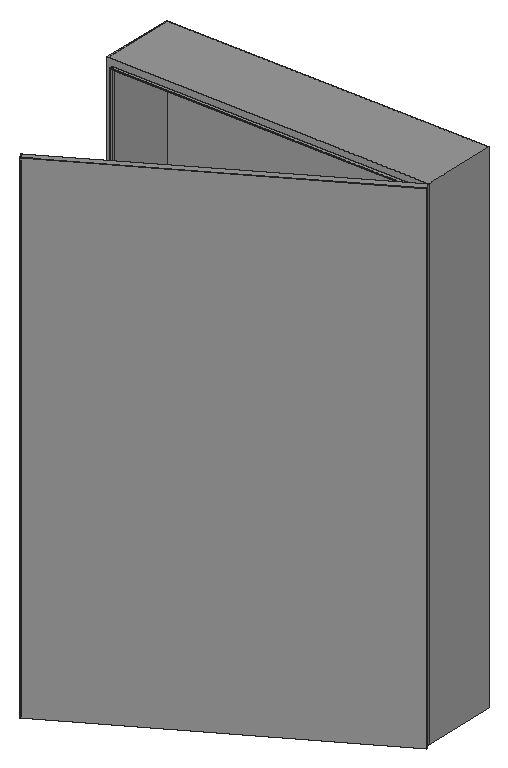
Revit family "Hager-Univers-IP44-D205-H1250-Cl.I-Encl-NoHosted-SE-en", category Equipement électrique, Revit 2020
Family settings
  Configuration du panneau = Deux colonnes, circuits au sein
  Cote de connecteur circulaire = Utiliser le diamètre
  Type d'élément = Tableau de raccordement
  Basée sur le plan de construction = Oui
  Toujours verticalement = Oui
  Couper avec des vides une fois chargée = Non
  Partagée = Non
  Point de calcul de pièce = Non
Parameters (values of type "Surface mounted (plaster) IP44 W800 H1250 D205  - FP83TN2")
  Width Control [instance] = if([EF000008 - Width] > Min Width, [EF000008 - Width], Min Width)  # 800 mm
  Commentaires du type = [HG000003 - Range]  # "Univers"
  Thickness Door [instance] = if([EF009171 - Material plate thickness door/cover] > 3 mm, 3 mm, [EF009171 - Material plate thickness door/cover])  # 1 mm
  Seal Frame Offset [instance] = 17 mm  # constant formula
  Plinth Visibility [instance] = [HG000027 - Plinth height] > 0 mm  # no
  Min Width [instance] = 100 mm  # constant formula
  Min Depth [instance] = (2 * [EF009170 - Material plate thickness cabinet]) + 1 mm  # 3 mm
  Min Height [instance] = 100 mm  # constant formula
  Internal Frame Depth [instance] = (Door System Depth * 0.5)  # 9 mm
  Panel Name [instance] = ""  # (empty or 0)
  Model = ""
  HG000027 - Plinth height = 0 mm
  HG000026 - Floor standing = no
  HG000024 - Bottom section height = 600 mm
  HG000023 - Double section enclosure = no
  HG000016 - Door 3d visibility [instance] = yes
  HG000015 - Clearance visibility [instance] = no
  HG000014 - Door on the right [instance] = yes
  HG000013 - Door on the left [instance] = not([HG000014 - Door on the right])  # no
  HG000012 - Door swing angle [instance] = 30.00°
  HG000010 - Asymmetric doors = no
  HG000009 - Double swing door = no
  HG000006 - Flush mounted = no
  HG000004 - Manufacturer reference = "FP83TN2"
  HG000003 - Range = "Univers"
  HG000002 - With door or cover = yes
  Frame Offset Bottom [instance] = 10 mm  # constant formula
  Frame Offset [instance] = 15 mm  # constant formula
  EF015940 - Cover with overpressure release = no
  EF011959 - Degree of protection (NEMA) = ""
  EF009554 - Number of openings for flange plates = 6
  EF009212 - Cover model = "EV000116 - Closed"
  EF009171 - Material plate thickness door/cover = 1 mm
  EF009170 - Material plate thickness cabinet = 1 mm
  EF008873 - Nominal current (In) = 250 A
  EF007800 - Suitable for lightning protection = no
  EF006306 - With lock = no
  EF006244 - Transparent cover/door = no
  EF005474 - Degree of protection (IP) = "EV006418 - IP44"
  EF004464 - Type of door = "EV002646 - Single"
  EF004427 - Number of modules = 288
  EF004293 - Impact strength = "EV006815 - IK09"
  EF003532 - Suitable for outdoor use = no
  EF002950 - Width in number of modular spacings = 36
  EF001613 - Circuit integrity = "EV000494 - None"
  EF001596 - Material housing = "EV000179 - Steel"
  EF001131 - Internal depth = 130 mm
  EF001088 - Extension possible = yes
  EF000437 - Number of conduit inlets = 6
  EF000339 - Type of cover = "EV001012 - Cover"
  EF000266 - Number of rows = 8
  EF000218 - Built-in depth = 205 mm
  EF000118 - With mounting plate = no
  EF000116 - RAL-number = "9010"
  EF000049 - Depth = 205 mm
  EF000040 - Height = 1250 mm
  EF000008 - Width = 800 mm
  EF000007 - Colour = "EV000202 - White"
  EF000003 - Mounting method = "EV000384 - Surface mounted (plaster)"
  Door System Leaf Tolerance [instance] = 1.5 mm  # constant formula
  Door System Depth [instance] = 18 mm  # constant formula
  Door Height [instance] = Height Control - [HG000027 - Plinth height]  # 1250 mm
  Description = ""
  Default Elevation = 1219.2 mm
  Connector Offset [instance] = Height Control / 2  # 625 mm
  Fabricant = "Hager"  # constant formula
  Height Control [instance] = if([EF000040 - Height] > Min Height, [EF000040 - Height], Min Height)  # 1250 mm
  Depth Control [instance] = if([EF000049 - Depth] > Min Depth, [EF000049 - Depth], Min Depth)  # 205 mm
  Bottom Top Plate Trim [instance] = 1.5 mm  # constant formula
  Plinth height Ctrl [instance] = if([HG000027 - Plinth height] > 0 mm, [HG000027 - Plinth height], 12 mm)  # 12 mm
Types (5, lengths in mm): name | Width Control | HG000010 - Asymmetric doors | HG000009 - Double swing door | HG000004 - Manufacturer reference | EF009554 - Number of openings for flange plates | EF004464 - Type of door | EF004427 - Number of modules | EF002950 - Width in number of modular spacings | EF000437 - Number of conduit inlets | EF000008 - Width
  Surface mounted (plaster) IP44 W1050 H1250 D205  - FP84TN2 | 1050 | no | yes | "FP84TN2" | 8 | "EV003602 - Double" | 384 | 48 | 8 | 1050
  Surface mounted (plaster) IP44 W1300 H1250 D205  - FP85TN2 | 1300 | yes | yes | "FP85TN2" | 10 | "EV003602 - Double" | 480 | 60 | 10 | 1300
  Surface mounted (plaster) IP44 W300 H1250 D205  - FP81TN2 | 300 | no | no | "FP81TN2" | 2 | "EV002646 - Single" | 96 | 12 | 2 | 300
  Surface mounted (plaster) IP44 W550 H1250 D205  - FP82TN2 | 550 | no | no | "FP82TN2" | 4 | "EV002646 - Single" | 192 | 24 | 4 | 550
  Surface mounted (plaster) IP44 W800 H1250 D205  - FP83TN2 | 800 | no | no | "FP83TN2" | 6 | "EV002646 - Single" | 288 | 36 | 6 | 800
Reference planes
  plane 1 "Center (Front/Back)": y = 0
  plane 2: z = 0
  plane 3 "Center (Left/Right)": x = 0
  plane 4: y = 0
  plane 5: y = 0
  plane 6: z = 0
  plane 7: x = -400
  plane 8: x = 400
  plane 9: x = 399
  plane 10: x = -399
  plane 11: z = 0
  plane 12: z = 1
  plane 13: y = -205
  plane 14: y = -1
  plane 15: x = 0
  plane 16: y = -187
  plane 17: y = -204
  plane 18: y = -186
  plane 19: x = -384
  plane 20: x = 384
  plane 21: z = 11
  plane 22: x = -383
  plane 23: x = 383
  plane 24: z = 0
  plane 25: z = 1250
  plane 26: z = 1250
  plane 27: z = 1234
  plane 28: z = 1249
Forms (mm)
  Extrusion 1, solid, material "Hager_Steel_RAL7035_Light_Grey", detail levels medium+fine
    sketch origin (-208.679, -4572, 0) x (-1, 0, 0) y (0, -1, 0)
      loop
        line (191.321, -4385) -> (-608.679, -4385) -> (-608.679, -4572) -> (191.321, -4572) -> (191.321, -4385)
    from 0 to 1250
  Extrusion 2, void
    sketch origin (-350.771, -205, 1219.2) x (1, 0, 0) y (0, 0, 1)
      loop
        line (-48.229, 29.8) -> (-48.229, -1218.2) -> (749.771, -1218.2) -> (749.771, 29.8) -> (-48.229, 29.8)
    from -19 to -204
  Extrusion 3, void
    sketch origin (-290.084, -187, 1219.2) x (1, 0, 0) y (0, 0, 1)
      loop
        line (-93.916, -1208.2) -> (674.084, -1208.2) -> (674.084, 14.8) -> (-93.916, 14.8) -> (-93.916, -1208.2)
    from 0 to -1
  Extrusion 4, solid, material "Hager_Steel_RAL7035_Light_Grey", visible <- "Plinth Visibility", detail levels medium+fine
    sketch origin (0, 0, 0) x (1, 0, 0) y (0, 1, 0)
      loop
        line (-400, 0) -> (-400, -187) -> (400, -187) -> (400, 0) -> (-400, 0)
    from 0 to 12 <- "Plinth height Ctrl"
  Extrusion 5, solid, material "Hager_Steel_RAL7035_Light_Grey", detail levels coarse
    sketch origin (0, 0, 0) x (1, 0, 0) y (0, 1, 0)
      loop
        line (-400, 0) -> (-400, -205) -> (400, -205) -> (400, 0) -> (-400, 0)
    from 0 to 1250 <- "Height Control"
  Sweep 6, void
    path in 3D
      loop
        line (-400, -187, 12) -> (400, -187, 12) -> (400, 0, 12) -> (-400, 0, 12) -> (-400, -187, 12)
    profile origin (-400, -93.5, 12) x (1, 0, 0) y (0, 0, 1)
      loop
        line (0, 0) -> (0, -1.5) -> (1.5, -1.5)
        arc (1.5, -1.5) -> (1.061, -0.439) -> (0, 0) r 1.5
  Extrusion 7, solid, material "Hager_Steel_RAL7035_Light_Grey", detail levels fine
    sketch origin (-400, -187, 0) x (1, 0, 0) y (0, 0, 1)
      loop
        line (16, 11) -> (784, 11) -> (784, 1234) -> (16, 1234) -> (16, 11)
      loop
        line (15, 10) -> (785, 10) -> (785, 1235) -> (15, 1235) -> (15, 10)
    from 0 to 9 <- "Internal Frame Depth"
Cuts and joins
  Extrusion 2, Extrusion 3 cuts Extrusion 1
  Sweep 6 cuts Extrusion 4
Lines and regions (mm)
  Masking region 1
    outline origin (0, 0, 0) x (1, 0, 0) y (0, 1, 0)
      loop
        line (-400, 0) -> (-400, -205) -> (400, -205) -> (400, 0) -> (-400, 0)
  Masking region 2, detail levels coarse
    outline origin (-290.084, -187, 1219.2) x (-1, 0, 0) y (0, 0, 1)
      loop
        line (-690.084, -1219.2) -> (109.916, -1219.2) -> (109.916, 30.8) -> (-690.084, 30.8) -> (-690.084, -1219.2)
  Masking region 3, detail levels coarse
    outline origin (0, 0, 0) x (0, 1, 0) y (0, 0, 1)
      loop
        line (0, 0) -> (0, 1250) -> (-205, 1250) -> (-205, 0) -> (0, 0)
  Masking region 4, visible <- "Plinth Visibility", detail levels medium+fine
    outline origin (0, 0, 0) x (0, 1, 0) y (0, 0, 1)
      loop
        line (-1.5, 12) -> (-185.5, 12)
        arc (-185.5, 12) -> (-185.939, 10.939) -> (-187, 10.5) r 1.5
        line (-187, 10.5) -> (-187, 0) -> (0, 0) -> (0, 10.5)
        arc (0, 10.5) -> (-1.061, 10.939) -> (-1.5, 12) r 1.5
  Masking region 5, detail levels medium+fine
    outline origin (0, 0, 594.038) x (0, 1, 0) y (0, 0, 1)
      loop
        line (0, -594.038) -> (0, 655.962) -> (-187, 655.962) -> (-187, -594.038) -> (0, -594.038)
  Masking region 6, detail levels medium+fine
    outline origin (-359.7, -187, 1211.883) x (-1, 0, 0) y (0, 0, 1)
      loop
        line (-759.7, -1211.883) -> (40.3, -1211.883) -> (40.3, 38.117) -> (-759.7, 38.117) -> (-759.7, -1211.883)
  Masking region 7, visible <- "Plinth Visibility", detail levels medium+fine
    outline origin (-320.334, -187, 1041.368) x (-1, 0, 0) y (0, 0, 1)
      loop
        line (-720.334, -1041.368) -> (79.666, -1041.368) -> (79.666, -1030.868)
        arc (79.666, -1030.868) -> (78.606, -1030.429) -> (78.166, -1029.368) r 1.5
        line (78.166, -1029.368) -> (-718.834, -1029.368)
        arc (-718.834, -1029.368) -> (-719.273, -1030.429) -> (-720.334, -1030.868) r 1.5
        line (-720.334, -1030.868) -> (-720.334, -1041.368)
  sketch lines
    curve 1: line (-400, 0, 12) -> (-400, -187, 12)
    curve 2: line (-400, -187, 12) -> (400, -187, 12)
    curve 3: line (400, 0, 12) -> (-400, 0, 12)
    curve 4: line (400, -187, 12) -> (400, 0, 12)
Dimensions and locks
  locked: plane 1 "Center (Front/Back)" to plane 5
  "EF009170 - Material plate thickness cabinet": plane 7 to plane 10
  "EF009170 - Material plate thickness cabinet": plane 8 to plane 9
  equal spacing: plane 7, plane 3 "Center (Left/Right)", plane 8
  "Width Control": plane 7 to plane 8
  "Depth Control": plane 4 to plane 13
  "EF009170 - Material plate thickness cabinet": plane 4 to plane 14
  "Height Control": plane 25 to level
  "HG000027 - Plinth height": plane 11 to level
  "EF009170 - Material plate thickness cabinet": plane 12 to plane 11
  "EF009170 - Material plate thickness cabinet": plane 17 to plane 13
  "EF009170 - Material plate thickness cabinet": plane 18 to plane 16
  "Frame Offset Bottom": plane 21 to plane 12
  "Frame Offset": plane 10 to plane 19
  "Frame Offset": plane 9 to plane 20
  "Door System Depth": plane 16 to plane 13
  "Seal Frame Offset": plane 7 to plane 22
  "Seal Frame Offset": plane 8 to plane 23
  "EF009170 - Material plate thickness cabinet": plane 26 to plane 28
  "Frame Offset": plane 28 to plane 27
  "Connector Offset": plane 2 to connector elem
  "Bottom Top Plate Trim": profile plane to Sweep 6 sketch curve
  "Bottom Top Plate Trim": Sweep 6 sketch curve to Sweep 6 sketch curve
  "Plinth height Ctrl": Masking region 4 sketch curve to level
  "Plinth height Ctrl": Masking region 7 sketch curve to level
  "Thickness Door": Extrusion 7 sketch curve to Extrusion 7 sketch curve  (x4)
  "Bottom Top Plate Trim": radius of Sweep 6 sketch curve
  "Bottom Top Plate Trim": radius of Masking region 4 sketch curve  (x2)
  "Bottom Top Plate Trim": radius of Masking region 7 sketch curve  (x2)
  aligned and locked: Extrusion 2 sketch curve to plane 12
  aligned and locked: Extrusion 2 sketch curve to plane 9
  aligned and locked: Extrusion 2 sketch curve to plane 10
  aligned and locked: Extrusion 2 to plane 14
  aligned and locked: Extrusion 1 sketch curve to plane 4
  aligned and locked: plane 8 to Extrusion 1 sketch curve
  aligned and locked: plane 7 to Extrusion 1 sketch curve
  aligned and locked: Extrusion 2 to plane 18
  aligned and locked: Extrusion 3 sketch curve to plane 19
  aligned and locked: plane 20 to Extrusion 3 sketch curve
  aligned and locked: Extrusion 3 to Extrusion 2
  aligned and locked: Extrusion 3 sketch curve to plane 21
  aligned and locked: plane 3 "Center (Left/Right)" to nested 1
  aligned and locked: Extrusion 1 sketch curve to plane 16
  aligned and locked: Extrusion 4 sketch curve to cut or joined group of Extrusion 1, Extrusion 2, Extrusion 3
  aligned and locked: Masking region 1 sketch curve to plane 7
  aligned and locked: Masking region 1 sketch curve to plane 5
  aligned and locked: Masking region 1 sketch curve to plane 8
  aligned and locked: Masking region 2 sketch curve to level
  aligned and locked: level to Masking region 3 sketch curve
  aligned and locked: plane 1 "Center (Front/Back)" to Masking region 3 sketch curve
  aligned and locked: plane 13 to Masking region 3 sketch curve
  aligned and locked: plane 5 to Masking region 4 sketch curve
  aligned and locked: Masking region 2 sketch curve to plane 8
  aligned and locked: Masking region 2 sketch curve to plane 7
  aligned and locked: plane 7 to nested 2
  aligned and locked: nested 2 to plane 5
  aligned and locked: plane 5 to Masking region 5 sketch curve
  aligned and locked: plane 26 to Masking region 5 sketch curve
  aligned and locked: Extrusion 5 sketch curve to plane 8
  aligned and locked: Extrusion 5 sketch curve to plane 7
  aligned and locked: Extrusion 5 sketch curve to plane 5
  aligned and locked: Extrusion 3 sketch curve to plane 27
  aligned and locked: Extrusion 2 sketch curve to plane 28
  aligned and locked: Masking region 2 to plane 25
  aligned and locked: Extrusion 4 to plane 16
  aligned and locked: profile plane to Sweep 6 sketch curve
  aligned and locked: Masking region 5 sketch curve to plane 24
  aligned and locked: level to Masking region 4 sketch curve
  aligned and locked: Masking region 1 to plane 13
  aligned and locked: nested 1 to plane 16
  aligned and locked: Masking region 3 to plane 25
  aligned and locked: plane 16 to Masking region 4 sketch curve
  aligned and locked: Masking region 5 sketch curve to plane 16
  aligned and locked: plane 24 to plane 11
  aligned and locked: plane 26 to plane 25
  aligned and locked: plane 26 to cut or joined group of Extrusion 1, Extrusion 2, Extrusion 3
  aligned and locked: nested 1 to plane 24
  aligned and locked: Extrusion 1 to Extrusion 3
  aligned and locked: Masking region 6 sketch curve to plane 8
  aligned and locked: Masking region 6 sketch curve to plane 24
  aligned and locked: Masking region 6 sketch curve to plane 7
  aligned and locked: Masking region 6 sketch curve to plane 26
  aligned and locked: Masking region 7 sketch curve to plane 7
  aligned and locked: level to Masking region 7 sketch curve
  aligned and locked: Masking region 7 sketch curve to plane 8
  aligned and locked: Extrusion 7 sketch curve to cut or joined group of Extrusion 1, Extrusion 2, Extrusion 3  (x4)
Automatic sketch dimensions
  plane 19 to Extrusion 3 sketch curve = 0 mm
  Extrusion 3 sketch curve to plane 20 = 0 mm
  Extrusion 3 sketch curve to plane 21 = 0 mm
  Extrusion 4 sketch curve to plane 7 = 0 mm
  Extrusion 4 sketch curve to plane 8 = 0 mm
  Extrusion 4 sketch curve to plane 16 = 0 mm
  Masking region 1 sketch curve to plane 13 = 0 mm
  Masking region 2 sketch curve to plane 25 = 0 mm
  Masking region 3 sketch curve to plane 25 = 0 mm
  Extrusion 5 sketch curve to plane 13 = 0 mm
  profile plane to Sweep 6 sketch curve = 0 mm
Nested families
  nested 1: "EC000058_Univers_Door" at (0, -187, 0), Double <- "HG000009 - Double swing door", Transparent <- "EF006244 - Transparent cover/door", Angle <- "HG000012 - Door swing angle", Door_Right <- "HG000014 - Door on the right", Assymetrical <- "HG000010 - Asymmetric doors", Door <- "HG000002 - With door or cover", Width_Ctrl <- "Width Control", 3d_Door <- "HG000016 - Door 3d visibility", Clearance <- "HG000015 - Clearance visibility", Door_Left <- "HG000013 - Door on the left", Width <- "Width Control", Door_Depth <- "Door System Depth", Leaf_Tolerance <- "Door System Leaf Tolerance", Height <- "Door Height", Lock_Visibility <- "EF006306 - With lock", Thickness <- "Thickness Door", type "EC000058_Univers_Door", detail levels medium+fine
    with min_wh 3 mm, Width_Ctrl 800 mm, Width 800 mm, Transparent no, Thickness 1 mm, Seal_Material Hager_Rubber, Lock_Visibility no, Lock_Material Hager_Plastic_RAL9005_Jet_Black, Leaf_Width 800 mm, Leaf_Tolerance_External_Sides 0 mm, Leaf_Tolerance 1.5 mm, Leaf_Offset 0 mm, Leaf_Height 1247 mm, Leaf_2_Width 800 mm, Leaf_2_Offset 400 mm, Leaf_1_Width 800 mm, Leaf_1_Offset 400 mm, Height_Ctrl 1250 mm, Height 1250 mm, Glass_Material Hager_Glass, Double_Clearance_Ctrl no, Double no, Door_Right_Ctrl yes, Door_Right yes, Door_Material Hager_Steel_RAL7035_Light_Grey, Door_Left_Ctrl no, Door_Left no, Door_Depth 18 mm, Door yes, Clearance_Material Hager_Clearance, Clearance_Depth 800 mm, Clearance_Ctrl no, Clearance no, Assymetrical no, Angle 30.00°, 3d_Door yes
  nested 2: "Hager_Enclosure_Symbol" at (-400, 0, 0), Height <- "Depth Control", Width <- "Width Control", type "Hager_Enclosure_Symbol"
    with Width_Ctrl 800 mm, Width 800 mm, Height_Ctrl 205 mm, Height 205 mm, A_Width_Int 13.453 mm, A_Width 161.438 mm, A_Height_Ctrl 179.375 mm, A_Height 179.375 mm
Connectors
  electrical at (0, 0, 625)
    settings: on plane 1 "Center (Front/Back)", index 1, voltage 0 V, apparent load 0 VA, apparent load phase1 0 VA, apparent load phase2 0 VA, apparent load phase3 0 VA, power factor 1, load classification "Other", number of poles 1, system type 30, power factor state 1, is connector primary yes, connector utility no, sub classification motor no, connector description ""
Definition of nested family "EC000058_Univers_Door"
  Parameters (values of type "EC000058_Univers_Door")
    min_wh [instance] = (2 * Thickness) + 1 mm  # 11 mm
    Width_Ctrl [instance] = 400 mm
    Width [instance] = 500 mm
    Transparent [instance] = yes
    Thickness [instance] = 5 mm
    Seal_Material [instance] = none
    Lock_Visibility [instance] = yes
    Lock_Material [instance] = none
    Leaf_Width [instance] = if((Width_Ctrl - 2 * Leaf_Tolerance_External_Sides) > 0 mm, (Width_Ctrl - 2 * Leaf_Tolerance_External_Sides), min_wh)  # 400 mm
    Leaf_Tolerance_External_Sides [instance] = 0 mm  # constant formula
    Leaf_Tolerance [instance] = 1.5 mm
    Leaf_Offset [instance] = 0 mm  # constant formula
    Leaf_Height [instance] = if((Height_Ctrl - 2 * Leaf_Tolerance) > 0 mm, (Height_Ctrl - 2 * Leaf_Tolerance), min_wh)  # 497 mm
    Leaf_2_Width [instance] = if(and(and(Double, Assymetrical), Door_Left), (Leaf_Width / 3) - (Leaf_Tolerance / 2), if(and(and(Double, Assymetrical), Door_Right), (Leaf_Width / 3) * 2 - (Leaf_Tolerance / 2), if(and(Double, not(Assymetrical)), (Leaf_Width / 2) - Leaf_Tolerance, Leaf_Width)))  # 400 mm
    Leaf_2_Offset [instance] = if(and(Double, Assymetrical), Leaf_2_Width / 2, if(and(Double, not(Assymetrical)), Leaf_Width / 4, Leaf_Width / 2))  # 200 mm
    Leaf_1_Width [instance] = if(and(and(Double, Assymetrical), Door_Right), (Leaf_Width / 3) - (Leaf_Tolerance / 2), if(and(and(Double, Assymetrical), Door_Left), (Width / 3) * 2 - (Leaf_Tolerance / 2), if(and(Double, not(Assymetrical)), (Leaf_Width / 2) - Leaf_Tolerance, Leaf_Width)))  # 400 mm
    Leaf_1_Offset [instance] = if(and(Double, Assymetrical), Leaf_1_Width / 2, if(and(Double, not(Assymetrical)), Leaf_Width / 4, Leaf_Width / 2))  # 200 mm
    Height_Ctrl [instance] = if(Height > min_wh, Height, min_wh)  # 500 mm
    Height [instance] = 500 mm
    Glass_Material [instance] = none
    Double_Clearance_Ctrl [instance] = and(Double, Clearance)  # no
    Double [instance] = no
    Door_Right_Ctrl [instance] = and(or(Door_Right, Double), Door)  # yes
    Door_Right [instance] = yes
    Door_Material [instance] = none
    Door_Left_Ctrl [instance] = and(or(Door_Left, Double), Door)  # no
    Door_Left [instance] = no
    Door_Depth [instance] = 30 mm
    Door [instance] = yes
    Default Elevation = 1219.2 mm
    Clearance_Material [instance] = none
    Clearance_Depth [instance] = if(Leaf_1_Width > Leaf_2_Width, Leaf_1_Width, Leaf_2_Width)  # 400 mm
    Clearance_Ctrl [instance] = and(not(Double), Clearance)  # yes
    Clearance [instance] = yes
    Assymetrical [instance] = yes
    Angle [instance] = 30.00°
    3d_Door [instance] = yes
  Reference planes
    plane 1 "Center (Front/Back)": y = 0
    plane 2 "Bottom": z = 0
    plane 3 "Center (Left/Right)": x = 0
    plane 4: z = 500
    plane 5: x = -200
    plane 6: x = 200
    plane 7: z = 500
    plane 8: x = -200
    plane 9: z = 0
    plane 10: x = 200
    plane 11: y = 0
    plane 12: z = 1.5
    plane 13: x = -600
    plane 14: y = -400
    plane 15: x = 600
    plane 16: x = 0
    plane 17: x = 0
    plane 18: x = -200
    plane 19: x = 200
    plane 20: z = 498.5
  Forms (mm)
    Extrusion 1, solid, material <- "Clearance_Material", visible <- "Double_Clearance_Ctrl"
      sketch origin (1200, 0, 0) x (1, 0, 0) y (0, 0, -1)
        loop
          line (-1800, -498.5) -> (-600, -498.5) -> (-600, 0) -> (-1800, 0) -> (-1800, -498.5)
      from 0 to -400
  Dimensions and locks
    equal spacing: plane 5, plane 3 "Center (Left/Right)", plane 6
    "Width_Ctrl": plane 5 to plane 6
    "Leaf_Offset": plane 5 to plane 8
    "Leaf_Offset": plane 6 to plane 10
    "Leaf_Offset": plane 9 to level
    "Leaf_Offset": plane 4 to plane 7
    "Height_Ctrl": plane 4 to level
    "Leaf_Tolerance": plane 12 to plane 9
    locked: plane 11 to plane 1 "Center (Front/Back)"
    "Leaf_1_Offset": plane 18 to plane 16
    "Leaf_2_Offset": plane 17 to plane 19
    "Leaf_1_Width": plane 13 to plane 8
    "Leaf_2_Width": plane 10 to plane 15
    "Clearance_Depth": plane 14 to plane 1 "Center (Front/Back)"
    "Leaf_Tolerance_External_Sides": plane 8 to plane 18
    "Leaf_Tolerance_External_Sides": plane 19 to plane 10
    "Leaf_Tolerance": plane 7 to plane 20
    aligned and locked: level to plane 2 "Bottom"
    aligned and locked: nested 1 to plane 16
    aligned and locked: nested 2 to plane 17
    aligned and locked: Extrusion 1 to plane 13
    aligned and locked: plane 15 to Extrusion 1
    aligned and locked: Extrusion 1 to plane 14
    aligned and locked: plane 12 to nested 1
    aligned and locked: nested 2 to plane 12
    aligned and locked: Extrusion 1 to plane 11
    aligned and locked: plane 20 to Extrusion 1
    aligned and locked: nested 2 to plane 11
    aligned and locked: nested 1 to plane 11
  Automatic sketch dimensions
    Extrusion 1 sketch curve to level = 0 mm
    plane 5 to Extrusion 1 sketch curve = 400 mm
    plane 6 to Extrusion 1 sketch curve = 400 mm
    Extrusion 1 sketch curve to plane 4 = 1.5 mm
  Nested families
    nested 1: "EC000058_Univers_Door_Leaf" at (0, 0, 1.5), Width <- "Leaf_1_Width", visible <- "Door_Left_Ctrl", Leaf_Height <- "Leaf_Height", Angle <- "Angle", 3d_Door <- "3d_Door", Transparent <- "Transparent", Clearance Material <- "Clearance_Material", Clearance <- "Clearance_Ctrl", Door_Material <- "Door_Material", Glass_Material <- "Glass_Material", Door_Depth <- "Door_Depth", Lock_Material <- "Lock_Material", Seal_Material <- "Seal_Material", Lock_Visibility <- "Lock_Visibility", Thickness <- "Thickness", type "EC000058_Univers_Door_Leaf"
      with Width 400 mm, Transparent_Glass_Offset 30 mm, Transparent_Ctrl yes, Transparent yes, Thickness 5 mm, Standard no, Seal_Material none, Seal_D2 8 mm, Seal_D1 1 mm, Offset_Internal_Frame 10 mm, Lock_Width 20 mm, Lock_Visibility_3d yes, Lock_Visibility yes, Lock_Thickness_3 3 mm, Lock_Thickness_2 1 mm, Lock_Thickness_1 3 mm, Lock_Radius_Offset_2 16 mm, Lock_Radius_Offset_1 15 mm, Lock_Radius_2 5 mm, Lock_Radius 6 mm, Lock_Offset 5 mm, Lock_Material none, Lock_Height 80 mm, Lock_Cover_Top_Offset_2d 17 mm, Lock_Cover_Height -65 mm, Leaf_Height 497 mm, Internal_Seal_Thickness 8 mm, Internal_Seal_Depth_2 4.5 mm, Internal_Frame_Depth 25 mm, Glass_Thickness -1 mm, Glass_Offset -2 mm, Glass_Material none, Door_Material none, Door_Depth 30 mm, Clearance Material none, Clearance yes, Angle_Ctrl 30.00°, Angle 30.00°, 3d_Door yes
    nested 2: "EC000058_Univers_Door_Leaf" at (0, 0, 1.5) x (-1, 0, 0) z (0, 0, 1), Width <- "Leaf_2_Width", visible <- "Door_Right_Ctrl", Leaf_Height <- "Leaf_Height", Angle <- "Angle", 3d_Door <- "3d_Door", Transparent <- "Transparent", Clearance Material <- "Clearance_Material", Clearance <- "Clearance_Ctrl", Door_Material <- "Door_Material", Glass_Material <- "Glass_Material", Door_Depth <- "Door_Depth", Lock_Material <- "Lock_Material", Seal_Material <- "Seal_Material", Lock_Visibility <- "Lock_Visibility", Thickness <- "Thickness", type "EC000058_Univers_Door_Leaf"
      with Width 400 mm, Transparent_Glass_Offset 30 mm, Transparent_Ctrl yes, Transparent yes, Thickness 5 mm, Standard no, Seal_Material none, Seal_D2 8 mm, Seal_D1 1 mm, Offset_Internal_Frame 10 mm, Lock_Width 20 mm, Lock_Visibility_3d yes, Lock_Visibility yes, Lock_Thickness_3 3 mm, Lock_Thickness_2 1 mm, Lock_Thickness_1 3 mm, Lock_Radius_Offset_2 16 mm, Lock_Radius_Offset_1 15 mm, Lock_Radius_2 5 mm, Lock_Radius 6 mm, Lock_Offset 5 mm, Lock_Material none, Lock_Height 80 mm, Lock_Cover_Top_Offset_2d 17 mm, Lock_Cover_Height -65 mm, Leaf_Height 497 mm, Internal_Seal_Thickness 8 mm, Internal_Seal_Depth_2 4.5 mm, Internal_Frame_Depth 25 mm, Glass_Thickness -1 mm, Glass_Offset -2 mm, Glass_Material none, Door_Material none, Door_Depth 30 mm, Clearance Material none, Clearance yes, Angle_Ctrl 30.00°, Angle 30.00°, 3d_Door yes
  Definition of nested family "EC000058_Univers_Door_Leaf"
    Parameters (values of type "EC000058_Univers_Door_Leaf")
      Width [instance] = 2000 mm
      Transparent_Glass_Offset [instance] = 30 mm
      Transparent_Ctrl [instance] = and(Transparent, [3d_Door])  # yes
      Transparent [instance] = yes
      Thickness [instance] = 5 mm
      Standard [instance] = and(not(Transparent), [3d_Door])  # no
      Seal_Material [instance] = none
      Seal_D2 [instance] = 8 mm  # constant formula
      Seal_D1 [instance] = 1 mm  # constant formula
      Offset_Internal_Frame [instance] = 10 mm  # constant formula
      Lock_Width [instance] = 20 mm  # constant formula
      Lock_Visibility_3d [instance] = and(Lock_Visibility, [3d_Door])  # yes
      Lock_Visibility [instance] = yes
      Lock_Thickness_3 [instance] = 3 mm  # constant formula
      Lock_Thickness_2 [instance] = 1 mm  # constant formula
      Lock_Thickness_1 [instance] = 3 mm  # constant formula
      Lock_Radius_Offset_2 [instance] = Lock_Radius_Offset_1 + 1 mm  # 16 mm
      Lock_Radius_Offset_1 [instance] = 15 mm  # constant formula
      Lock_Radius_2 [instance] = Lock_Radius - 1 mm  # 5 mm
      Lock_Radius [instance] = 6 mm  # constant formula
      Lock_Offset [instance] = 5 mm  # constant formula
      Lock_Material [instance] = none
      Lock_Height [instance] = 80 mm  # constant formula
      Lock_Cover_Top_Offset_2d [instance] = Lock_Radius_Offset_2 + 1 mm  # 17 mm
      Lock_Cover_Height [instance] = -(Lock_Height - Lock_Radius_Offset_1)  # -65 mm
      Leaf_Height [instance] = 2720.336 mm
      Internal_Seal_Thickness [instance] = 8 mm  # constant formula
      Internal_Seal_Depth_2 [instance] = 4.5 mm  # constant formula
      Internal_Frame_Depth [instance] = if(Door_Depth - Thickness > 5 mm, Door_Depth - Thickness, 5 mm)  # 25 mm
      Glass_Thickness [instance] = if(Thickness > 15 mm, Glass_Offset + 10 mm, -1 mm)  # -1 mm
      Glass_Offset [instance] = if(Thickness > 15 mm, -(Thickness + 10 mm) / 2, -2 mm)  # -2 mm
      Glass_Material [instance] = none
      Door_Material [instance] = none
      Door_Depth [instance] = 30 mm
      Default Elevation = 0 mm
      Clearance Material [instance] = none
      Clearance [instance] = yes
      Angle_Ctrl [instance] = if(Angle > 180.00°, 180.00°, Angle)  # 90.00°
      Angle [instance] = 90.00°
      3d_Door [instance] = yes
    Reference planes
      plane 1 "Center (Front/Back)": y = 0
      plane 2: z = 0
      plane 3 "Center (Left/Right)": x = 0
      plane 4: y = 2000
      plane 5: x = -1000
      plane 6: x = 1000
      plane 7: x = -3000
      plane 8: z = 2720.336
      plane 9: z = 30
      plane 10: z = 2690.336
      plane 11: x = 970
      plane 12: x = -970
      plane 13: y = -3
      plane 14: z = 107.833
      plane 15: y = -5
      plane 16: y = -223.314
      plane 17: x = -1000
      plane 18: z = 1360.168
      plane 19: y = 30
    Forms (mm)
      Extrusion 1, solid, material <- "Clearance Material", visible <- "Clearance"
        sketch origin (0, 0, 0) x (1, 0, 0) y (0, 0, 1)
          loop
            line (-3000, 2720.336) -> (-3000, 0) -> (1000, 0) -> (1000, 2720.336) -> (-3000, 2720.336)
        from 0 to -2000
      Extrusion 2, solid, material <- "Door_Material", visible <- "Standard", detail levels medium+fine
        sketch origin (-1000, 0, 0) x (0, 1, 0) y (-1, 0, 0)
          loop
            line (0, 30) -> (0, 25) -> (2000, 25) -> (2000, 30) -> (0, 30)
        from 0 to 2720.336 <- "Leaf_Height"
      Extrusion 3, solid, material <- "Door_Material", visible <- "Transparent_Ctrl", detail levels medium+fine
        sketch origin (-1000, 0, 0) x (0, 1, 0) y (-1, 0, 0)
          loop
            line (0, 25) -> (2000, 25) -> (2000, 30) -> (0, 30) -> (0, 25)
        from 0 to 2720.336 <- "Leaf_Height"
      Extrusion 4, void
        sketch origin (-1025, 2000, 0) x (0, 1, 0) y (0, 0, -1)
          loop
            line (-30, -2690.336) -> (-30, -30) -> (-1970, -30) -> (-1970, -2690.336) -> (-30, -2690.336)
        from 0 to 5 <- "Thickness"
      Sweep 5, solid, material <- "Seal_Material", visible <- "Transparent_Ctrl", detail levels fine
        path in 3D
          loop
            line (-1025, 30, 30) -> (-1025, 30, 2690.336) -> (-1025, 1970, 2690.336) -> (-1025, 1970, 30) -> (-1025, 30, 30)
        profile origin (-1025, 1000, 30) x (1, 0, 0) y (0, 0, 1)
          loop
            line (0, 0) -> (0, -8) -> (1, -8) -> (1, 0) -> (0, 0)
      Extrusion 6, solid, material <- "Glass_Material", visible <- "Transparent_Ctrl", detail levels medium+fine
        sketch origin (-1030, 0, 0) x (0, 1, 0) y (0, 0, -1)
          loop
            line (1970, -2690.336) -> (1970, -30) -> (30, -30) -> (30, -2690.336) -> (1970, -2690.336)
        from -2 <- "Glass_Offset" to -1 <- "Glass_Thickness"
      Extrusion 7, solid, material <- "Door_Material", visible <- "3d_Door", detail levels medium+fine
        sketch origin (-1025, 2000, 0) x (0, -1, 0) y (0, 0, -1)
          loop
            line (0, -2720.336) -> (2000, -2720.336) -> (2000, 0) -> (0, 0) -> (0, -2720.336)
          loop
            line (1995, -5) -> (5, -5) -> (5, -2715.336) -> (1995, -2715.336) -> (1995, -5)
        from 0 to 25 <- "Internal_Frame_Depth"
      Sweep 8, solid, material <- "Seal_Material", visible <- "Transparent_Ctrl", detail levels fine
        path in 3D
          loop
            line (-1025, 0, 0) -> (-1025, 2000, 0) -> (-1025, 2000, 2720.336) -> (-1025, 0, 2720.336) -> (-1025, 0, 0)
        profile origin (-1025, 0, 1360.168) x (1, 0, 0) y (0, 1, 0)
          loop
            line (0, 10) -> (2.975, 10)
            arc (2.975, 10) -> (4.053, 10.447) -> (4.5, 11.525) r 1.525
            line (4.5, 11.525) -> (4.5, 16.527)
            arc (4.5, 16.527) -> (4.069, 17.569) -> (3.027, 18) r 1.473
            line (3.027, 18) -> (0, 18) -> (0, 10)
      Extrusion 9, solid, material <- "Lock_Material", visible <- "Lock_Visibility_3d", detail levels fine
        sketch origin (-1030, 0, 0) x (0, 1, 0) y (0, 0, -1)
          loop
            arc (1993.5, -1400.168) -> (1994.561, -1399.729) -> (1995, -1398.668) r 1.5
            line (1995, -1398.668) -> (1995, -1320.168) -> (1975, -1320.168) -> (1975, -1398.668)
            arc (1975, -1398.668) -> (1975.439, -1399.729) -> (1976.5, -1400.168) r 1.5
            line (1976.5, -1400.168) -> (1993.5, -1400.168)
        from 3 <- "Lock_Thickness_1" to 0
      Blend 10, solid, material <- "Lock_Material", visible <- "Lock_Visibility_3d", detail levels fine
        base sketch origin (-1033, 0, 0) x (0, 1, 0) y (0, 0, -1)
          loop
            line (1975, -1320.168) -> (1975, -1398.668)
            arc (1975, -1398.668) -> (1975.439, -1399.729) -> (1976.5, -1400.168) r 1.5
            line (1976.5, -1400.168) -> (1993.5, -1400.168)
            arc (1993.5, -1400.168) -> (1994.561, -1399.729) -> (1995, -1398.668) r 1.5
            line (1995, -1398.668) -> (1995, -1320.168) -> (1975, -1320.168)
        top sketch origin (-1033, 0, 0) x (0, 1, 0) y (0, 0, -1)
          loop
            line (1976, -1320.168) -> (1976, -1398.668)
            arc (1976, -1398.668) -> (1976.146, -1399.022) -> (1976.5, -1399.168) r 0.5
            line (1976.5, -1399.168) -> (1993.5, -1399.168)
            arc (1993.5, -1399.168) -> (1993.854, -1399.022) -> (1994, -1398.668) r 0.5
            line (1994, -1398.668) -> (1994, -1320.168) -> (1976, -1320.168)
        from 0 to 1 <- "Lock_Thickness_2"
      Blend 11, solid, material <- "Lock_Material", visible <- "Lock_Visibility_3d", detail levels fine
        base sketch origin (-1034, 0, 0) x (0, 1, 0) y (0, 0, -1)
          loop
            line (1978, -1320.168) -> (1978, -1384.168)
            arc (1978, -1384.168) -> (1985, -1391.168) -> (1992, -1384.168) r 7
            line (1992, -1384.168) -> (1992, -1320.168) -> (1978, -1320.168)
        top sketch origin (-1034, 0, 0) x (0, 1, 0) y (0, 0, -1)
          loop
            line (1991, -1320.168) -> (1979, -1320.168) -> (1979, -1383.168)
            arc (1979, -1383.168) -> (1985, -1389.168) -> (1991, -1383.168) r 6
            line (1991, -1383.168) -> (1991, -1320.168)
        from 0 to 3 <- "Lock_Thickness_3"
      Extrusion 12, solid, material <- "Lock_Material", visible <- "Lock_Visibility_3d", detail levels fine
        sketch origin (-1030, 1975, 1320.168) x (1, 0, 0) y (0, -1, 0)
          loop
            line (-7, -19) -> (-7, -1) -> (0, -1) -> (0, 0) -> (-8, 0) -> (-8, -20) -> (0, -20) -> (0, -19) -> (-7, -19)
        from 0 to -65 <- "Lock_Cover_Height"
      Extrusion 13, void
        sketch origin (-1038, 1995, 1320.168) x (-1, 0, 0) y (0, 0, -1)
          loop
            line (-5, -65) -> (0, -65) -> (-5, -60) -> (-5, -65)
        from 0 to 20 <- "Lock_Width"
      Extrusion 14, void
        sketch origin (-1038, 1975, 1320.168) x (0, -1, 0) y (0, 0, -1)
          loop
            circle (-10, -15.995) r 6
          loop
            circle (-10, -15.995) r 5
        from 0 to 2
      Extrusion 15, solid, material <- "Lock_Material", visible <- "Lock_Visibility_3d", detail levels medium
        sketch origin (-1030, 0, 0) x (0, 1, 0) y (0, 0, -1)
          loop
            arc (1993.5, -1400.168) -> (1994.561, -1399.729) -> (1995, -1398.668) r 1.5
            line (1995, -1398.668) -> (1995, -1320.168) -> (1975, -1320.168) -> (1975, -1398.668)
            arc (1975, -1398.668) -> (1975.439, -1399.729) -> (1976.5, -1400.168) r 1.5
            line (1976.5, -1400.168) -> (1993.5, -1400.168)
        from 8 to 0
    Cuts and joins
      Extrusion 4 cuts Extrusion 3
      Extrusion 13, Extrusion 14 cuts Extrusion 9
      Extrusion 14 cuts Blend 11
      Extrusion 13, Extrusion 14 cuts Extrusion 12
      joined: Extrusion 9, Blend 10, Blend 11, Extrusion 12
      Extrusion 14 cuts Extrusion 15
    Lines and regions (mm)
      Masking region 1, visible <- "Lock_Visibility", detail levels fine
        outline origin (0, 0, 0) x (0, 1, 0) y (0, 0, 1)
          loop
            line (30, 1320.168) -> (33, 1320.168) -> (33, 1400.168) -> (30, 1400.168) -> (30, 1320.168)
      Masking region 2, visible <- "Lock_Visibility", detail levels fine
        outline origin (0, 3.143, 0) x (0, 1, 0) y (0, 0, 1)
          loop
            line (29.857, 1354.168) -> (30.857, 1354.168) -> (30.857, 1366.168) -> (29.857, 1366.168) -> (29.857, 1354.168)
      Masking region 3, detail levels medium+fine
        outline origin (0, 0, 0) x (0, 1, 0) y (0, 0, 1)
          loop
            line (0, 0) -> (30, 0) -> (30, 2720.336) -> (0, 2720.336) -> (0, 0)
      Masking region 4, detail levels medium+fine
        outline origin (0, 0, 0) x (1, 0, 0) y (0, 0, 1)
          loop
            line (-1000, 2720.336) -> (-1000, 0) -> (1000, 0) -> (1000, 2720.336) -> (-1000, 2720.336)
      Masking region 5, visible <- "Lock_Visibility", detail levels fine
        outline origin (-47.116, 0, 0) x (1, 0, 0) y (0, 0, 1)
          loop
            arc (1024.616, 1399.168) -> (1023.556, 1398.729) -> (1023.116, 1397.668) r 1.5
            line (1023.116, 1397.668) -> (1023.116, 1320.168) -> (1041.116, 1320.168) -> (1041.116, 1397.668)
            arc (1041.116, 1397.668) -> (1040.677, 1398.729) -> (1039.616, 1399.168) r 1.5
            line (1039.616, 1399.168) -> (1024.616, 1399.168)
      Masking region 6, visible <- "Lock_Visibility", detail levels medium+fine
        outline origin (-25, 0, 0) x (1, 0, 0) y (0, 0, 1)
          loop
            arc (1001.5, 1400.168) -> (1000.439, 1399.729) -> (1000, 1398.668) r 1.5
            line (1000, 1398.668) -> (1000, 1320.168) -> (1020, 1320.168) -> (1020, 1398.668)
            arc (1020, 1398.668) -> (1019.561, 1399.729) -> (1018.5, 1400.168) r 1.5
            line (1018.5, 1400.168) -> (1001.5, 1400.168)
      Masking region 7, visible <- "Lock_Visibility", detail levels fine
        outline origin (-73.735, 0, 0) x (1, 0, 0) y (0, 0, 1)
          loop
            line (1051.735, 1382.168) -> (1065.735, 1382.168) -> (1065.735, 1384.168)
            arc (1065.735, 1384.168) -> (1058.735, 1391.168) -> (1051.735, 1384.168) r 7
            line (1051.735, 1384.168) -> (1051.735, 1382.168)
      Masking region 8, visible <- "Lock_Visibility", detail levels fine
        outline origin (-73.735, 0, 0) x (1, 0, 0) y (0, 0, 1)
          loop
            line (1052.735, 1382.168) -> (1064.735, 1382.168) -> (1064.735, 1383.168)
            arc (1064.735, 1383.168) -> (1058.735, 1389.168) -> (1052.735, 1383.168) r 6
            line (1052.735, 1383.168) -> (1052.735, 1382.168)
      Masking region 9, visible <- "Lock_Visibility", detail levels fine
        outline origin (-25, 0, 0) x (1, 0, 0) y (0, 0, 1)
          loop
            line (1020, 1320.168) -> (1020, 1382.168) -> (1000, 1382.168) -> (1000, 1320.168) -> (1020, 1320.168)
      Masking region 10, detail levels medium+fine
        outline origin (0, 0, 0) x (1, 0, 0) y (0, 0, 1)
          loop
            circle (985, 1335.144) r 6
      Masking region 11, detail levels fine
        outline origin (0, 0, 0) x (1, 0, 0) y (0, 0, 1)
          loop
            circle (985, 1335.144) r 5
      Masking region 12, visible <- "Lock_Visibility", detail levels fine
        outline origin (0, 12.767, 0) x (0, 1, 0) y (0, 0, 1)
          loop
            line (20.233, 1320.168) -> (21.233, 1320.168) -> (21.233, 1399.168) -> (20.233, 1400.168) -> (20.233, 1320.168)
      Masking region 13, visible <- "Lock_Visibility", detail levels fine
        outline origin (0, 13.767, -10) x (0, 1, 0) y (0, 0, 1)
          loop
            line (20.233, 1330.168) -> (23.233, 1330.168) -> (23.233, 1399.168) -> (20.233, 1402.168) -> (20.233, 1330.168)
      Masking region 14, visible <- "Lock_Visibility", detail levels fine
        outline origin (0, 12.767, -10) x (0, 1, 0) y (0, 0, 1)
          loop
            line (20.233, 1330.168) -> (25.233, 1330.168) -> (25.233, 1399.305) -> (20.233, 1394.305) -> (20.233, 1330.168)
      Masking region 15, visible <- "Lock_Visibility", detail levels medium
        outline origin (0, 0, 0) x (0, 1, 0) y (0, 0, 1)
          loop
            line (30, 1320.168) -> (38, 1320.168) -> (38, 1400.168) -> (30, 1400.168) -> (30, 1320.168)
      Masking region 16, visible <- "Lock_Visibility", detail levels fine
        outline origin (-1000, 0, 0) x (0, 1, 0) y (-1, 0, 0)
          loop
            line (1975, 30) -> (1995, 30) -> (1995, 38) -> (1975, 38) -> (1975, 30)
          loop
            line (1979, 37) -> (1976, 37) -> (1976, 34) -> (1978, 34) -> (1979, 37)
          loop
            line (1994, 37) -> (1991, 37) -> (1992, 34) -> (1994, 34) -> (1994, 37)
      Masking region 17, visible <- "Lock_Visibility", detail levels medium
        outline origin (-1000, 0, 0) x (0, 1, 0) y (-1, 0, 0)
          loop
            line (1975, 30) -> (1995, 30) -> (1995, 38) -> (1975, 38) -> (1975, 30)
      symbolic lines
        curve 1: line (1000, 0, 0) -> (-3000, 0, 0)
        curve 2: arc (1000, 0, 0) -> (-1000, 2000, 0) -> (-3000, 0, 0) r 2000
        curve 4: line (-1030, 0, 0) -> (-1030, 2000, 0)
      reference lines
        curve 3: line (-1000, 0, 0) -> (-1000, 2000, 0)
      symbolic lines, detail levels medium+fine
        curve 5: line (-1030, 2000, 0) -> (-1025, 2000, 0)
        curve 7: line (-1025, 0, 0) -> (-1030, 0, 0)
        curve 8: line (-1025, 0, 0) -> (-1000, 0, 0)
        curve 9: line (-1000, 0, 0) -> (-1000, 2000, 0)
        curve 10: line (-1000, 2000, 0) -> (-1025, 2000, 0)
      symbolic lines, detail levels fine
        curve 6: line (-1025, 2000, 0) -> (-1025, 0, 0)
      sketch lines
        curve 11: line (-1025, 0, 2720.336) -> (-1025, 0, 0)
        curve 12: line (-1025, 2000, 0) -> (-1025, 0, 0)
        curve 13: line (-1025, 2000, 2720.336) -> (-1025, 2000, 0)
        curve 14: line (-1025, 0, 2720.336) -> (-1025, 2000, 2720.336)
        curve 15: line (-1025, 1970, 30) -> (-1025, 30, 30)
        curve 16: line (-1025, 30, 30) -> (-1025, 30, 2690.336)
        curve 17: line (-1025, 1970, 2690.336) -> (-1025, 1970, 30)
        curve 18: line (-1025, 30, 2690.336) -> (-1025, 1970, 2690.336)
      symbolic lines, visible <- "Transparent", detail levels medium+fine
        curve 19: line (-970, 0, 2690.336) -> (970, 0, 2690.336)
        curve 20: line (-970, 0, 30) -> (-970, 0, 2690.336)
        curve 21: line (970, 0, 30) -> (-970, 0, 30)
        curve 22: line (970, 0, 2690.336) -> (970, 0, 30)
    Dimensions and locks
      "Width": plane 1 "Center (Front/Back)" to plane 4
      equal spacing: plane 5, plane 3 "Center (Left/Right)", plane 6
      "Width": plane 5 to plane 6
      "Width": plane 7 to plane 5
      "Leaf_Height": plane 8 to level
      "Width": curve 5 to curve 3
      "Width": curve 3 to curve 3
      plane 8 to plane 10 = 30 mm
      plane 9 to level = 30 mm
      plane 12 to plane 5 = 30 mm
      plane 6 to plane 11 = 30 mm
      Extrusion 1 to Extrusion 4 sketch curve = 30 mm
      "Transparent_Glass_Offset": curve 3 to Extrusion 4 sketch curve
      "Transparent_Glass_Offset": Extrusion 4 sketch curve to cut or joined group of Extrusion 3, Extrusion 4  (x2)
      cut or joined group of Extrusion 3, Extrusion 4 to Extrusion 6 sketch curve = 30 mm
      "Transparent_Glass_Offset": cut or joined group of Extrusion 3, Extrusion 4 to Extrusion 4 sketch curve
      "Thickness": curve 6 to curve 4
      "Thickness": Extrusion 7 sketch curve to Extrusion 7 sketch curve  (x4)
      "Door_Depth": curve 4 to curve 3
      "Offset_Internal_Frame": profile plane to Sweep 8 sketch curve
      "Internal_Seal_Thickness": Sweep 8 sketch curve to Sweep 8 sketch curve
      "Internal_Seal_Depth_2": profile plane to Sweep 8 sketch curve
      "Seal_D1": profile plane to Sweep 5 sketch curve
      "Seal_D2": profile plane to Sweep 5 sketch curve
      "Thickness": Extrusion 2 sketch curve to Extrusion 2 sketch curve
      equal spacing: Extrusion 9 sketch curve, plane 18, Extrusion 9 sketch curve  (x2)
      equal spacing: Masking region 1 sketch curve, plane 18, Masking region 1 sketch curve
      "Lock_Height": Masking region 1 sketch curve to Masking region 1 sketch curve
      "Lock_Radius": Masking region 2 sketch curve to plane 18 to Masking region 2 sketch curve
      Masking region 2 sketch curve to Masking region 1 = 1 mm
      "Door_Depth": plane 19 to plane 1 "Center (Front/Back)"
      "Lock_Thickness_1": Masking region 1 sketch curve to plane 19
      "Lock_Width": Extrusion 9 sketch curve to Extrusion 9 sketch curve
      "Lock_Height": Extrusion 9 sketch curve to Extrusion 9 sketch curve
      "Lock_Offset": cut or joined group of Extrusion 3, Extrusion 4 to Extrusion 9 sketch curve
      equal spacing: plane 8, plane 18, level
      "Lock_Radius_Offset_1": Blend 11 sketch curve to Blend 10
      locked: Blend 10 to Blend 11 sketch curve at 2  (x2)
      locked: var sketch to Blend 11 sketch curve at 1  (x2)
      "Lock_Radius_Offset_2": Blend 11 sketch curve to Blend 10
      locked: Extrusion 12 sketch curve to Extrusion 12 sketch curve at 1  (x3)
      Masking region 6 sketch curve to Masking region 6 sketch curve = 80 mm
      "Lock_Height": Masking region 6 sketch curve to Masking region 6 sketch curve
      "Lock_Width": Masking region 6 sketch curve to Masking region 6 sketch curve
      locked: Masking region 6 to Masking region 5 sketch curve at 1  (x3)
      locked: Masking region 5 to Masking region 7 sketch curve at 2  (x2)
      "Lock_Radius_Offset_1": Masking region 5 to Masking region 7 sketch curve
      "Lock_Radius_Offset_2": Masking region 5 to Masking region 8 sketch curve
      locked: Masking region 7 to Masking region 8 sketch curve at 1  (x2)
      "Lock_Cover_Top_Offset_2d": Masking region 5 to Masking region 9 sketch curve
      equal spacing: Masking region 9, Masking region 10 sketch curve, Masking region 9
      equal spacing: Masking region 9, Masking region 11 sketch curve, Masking region 9
      Extrusion 15 sketch curve to Extrusion 15 sketch curve = 80 mm
      "Lock_Width": Extrusion 15 sketch curve to Extrusion 15 sketch curve
      "Lock_Height": Extrusion 15 sketch curve to Extrusion 15 sketch curve
      equal spacing: Extrusion 15 sketch curve, plane 18, Extrusion 15 sketch curve
      "Lock_Thickness_3": Masking region 13 sketch curve to Masking region 13 sketch curve
      "Lock_Height": Masking region 12 sketch curve to Masking region 12 sketch curve
      locked: Masking region 13 sketch curve to Masking region 1 at 8
      locked: Masking region 14 sketch curve to Masking region 13 at 1
      locked: Masking region 14 sketch curve to Masking region 1 at 10.863
      "Lock_Height": Masking region 15 sketch curve to Masking region 15 sketch curve
      "Lock_Offset": Extrusion 15 sketch curve to cut or joined group of Extrusion 3, Extrusion 4
      "Lock_Offset": plane 6 to Masking region 6 sketch curve
      radius of Sweep 8 sketch curve = 1.525 mm
      radius of Sweep 8 sketch curve = 1.473 mm
      radius of Extrusion 9 sketch curve = 1.5 mm  (x2)
      "Lock_Radius": radius of Extrusion 14 sketch curve
      "Lock_Radius_2": radius of Extrusion 14 sketch curve
      "Lock_Radius": radius of Masking region 10 sketch curve
      "Lock_Radius_2": radius of Masking region 11 sketch curve
      radius of Extrusion 15 sketch curve = 1.5 mm  (x2)
      "Angle_Ctrl": angle plane 1 "Center (Front/Back)" to curve 3
      locked: Masking region 12 sketch curve to Masking region 12 sketch curve (angle 45.00°)
      locked: Masking region 13 sketch curve to Masking region 13 sketch curve (angle 45.00°)
      locked: Masking region 14 sketch curve to Masking region 14 sketch curve (angle 45.00°)
      aligned and locked: level to plane 2
      aligned and locked: Extrusion 1 to curve 1
      aligned and locked: plane 6 to Extrusion 1
      aligned and locked: Extrusion 1 to plane 1 "Center (Front/Back)"
      aligned and locked: plane 4 to Extrusion 1
      aligned and locked: plane 8 to Extrusion 1
      aligned and locked: curve 7 to Extrusion 2 sketch curve
      aligned and locked: curve 5 to Extrusion 2 sketch curve
      aligned and locked: curve 7 to Extrusion 3 sketch curve
      aligned and locked: Extrusion 3 sketch curve to curve 4
      aligned and locked: Extrusion 3 sketch curve to curve 6
      aligned and locked: Extrusion 3 sketch curve to curve 5
      aligned and locked: curve 9 to curve 3
      aligned and locked: Extrusion 7 sketch curve to cut or joined group of Extrusion 3, Extrusion 4  (x4)
      aligned and locked: plane 17 to curve 3
      aligned and locked: plane 1 "Center (Front/Back)" to curve 3
      aligned and locked: plane 17 to plane 5
      aligned and locked: Sweep 8 sketch curve to profile plane
      aligned and locked: Sweep 5 sketch curve to profile plane  (x2)
      aligned and locked: Masking region 1 to Masking region 2 sketch curve
      aligned and locked: plane 19 to Masking region 1 sketch curve
      aligned and locked: plane 1 "Center (Front/Back)" to Masking region 3 sketch curve
      aligned and locked: plane 19 to Masking region 3 sketch curve
      aligned and locked: level to Masking region 3 sketch curve
      aligned and locked: Masking region 3 sketch curve to plane 8
      aligned and locked: plane 17 to Masking region 4 sketch curve
      aligned and locked: level to Masking region 4 sketch curve
      aligned and locked: Masking region 4 sketch curve to plane 8
      aligned and locked: plane 12 to curve 20
      aligned and locked: plane 10 to curve 19
      aligned and locked: plane 11 to curve 22
      aligned and locked: curve 21 to plane 9
      aligned and locked: Extrusion 2 sketch curve to cut or joined group of Extrusion 3, Extrusion 4
      aligned and locked: Blend 10 sketch curve to Extrusion 9  (x4)
      aligned and locked: Extrusion 9 to Blend 10 sketch curve
      aligned and locked: Blend 10 to Blend 11 sketch curve
      aligned and locked: Extrusion 12 sketch curve to Blend 11
      aligned and locked: Extrusion 12 sketch curve to Extrusion 9  (x4)
      aligned and locked: Masking region 5 sketch curve to Masking region 6
      aligned and locked: Masking region 9 sketch curve to Masking region 6  (x3)
      aligned and locked: Masking region 12 sketch curve to Masking region 1
      aligned and locked: Masking region 13 sketch curve to Masking region 1
      aligned and locked: Masking region 12 to Masking region 14
      aligned and locked: Masking region 14 sketch curve to Masking region 1
      aligned and locked: Masking region 15 sketch curve to Masking region 14
      aligned and locked: Masking region 13 sketch curve to Masking region 12
      aligned and locked: Masking region 16 sketch curve to cut or joined group of Extrusion 14, Extrusion 15  (x4)
      aligned and locked: Masking region 16 sketch curve to cut or joined group of Extrusion 9, Blend 10, Blend 11, Extrusion 12, Extrusion 13, Extrusion 14  (x6)
      aligned and locked: cut or joined group of Extrusion 9, Blend 10, Blend 11, Extrusion 12, Extrusion 13, Extrusion 14 to Masking region 16 sketch curve
      aligned and locked: Masking region 17 sketch curve to cut or joined group of Extrusion 14, Extrusion 15  (x3)
      aligned and locked: Masking region 17 sketch curve to cut or joined group of Extrusion 9, Blend 10, Blend 11, Extrusion 12, Extrusion 13, Extrusion 14
      aligned and locked: Masking region 9 to Masking region 8 sketch curve
      aligned and locked: Masking region 9 to Masking region 7 sketch curve
    Automatic sketch dimensions
      plane 1 "Center (Front/Back)" to curve 2 = 0 mm
      curve 2 to plane 5 = 0 mm
      Extrusion 1 sketch curve to level = 0 mm
      Extrusion 1 sketch curve to plane 7 = 0 mm
      Extrusion 1 sketch curve to plane 6 = 0 mm
      Extrusion 1 sketch curve to plane 8 = 0 mm
      Extrusion 3 to Extrusion 6 sketch curve = 30 mm  (x4)
      Masking region 4 sketch curve to plane 6 = 0 mm
      Blend 10 sketch curve to Extrusion 9 = 1.5 mm
      Blend 10 sketch curve to Extrusion 9 = 1 mm
      Extrusion 13 sketch curve to Extrusion 12 = 0 mm  (x2)
      Extrusion 12 to Extrusion 13 sketch curve = 3 mm
      Extrusion 13 sketch curve to Extrusion 12 = 5 mm
      Extrusion 14 sketch curve to Extrusion 14 sketch curve = 0 mm  (x2)
      Extrusion 14 sketch curve to Extrusion 12 = 10 mm
      Extrusion 14 sketch curve to Extrusion 12 = 15.995 mm
      Masking region 5 sketch curve to Masking region 5 sketch curve = 1.5 mm  (x2)
      Masking region 10 sketch curve to plane 18 = 25.024 mm
      Masking region 11 sketch curve to plane 18 = 25.024 mm
      plane 19 to Masking region 14 sketch curve = 3 mm
      Masking region 16 sketch curve to Masking region 16 sketch curve = 3 mm
      curve 4 to curve 3 = 0 mm
      Blend 10 to Blend 11 sketch curve = 0 mm
      Masking region 6 sketch curve to Masking region 6 sketch curve = 1.5 mm  (x2)
      Masking region 6 sketch curve to plane 18 = 40 mm
      plane 19 to Masking region 12 sketch curve = 3 mm
      Masking region 12 sketch curve to Masking region 12 sketch curve = 1 mm
      Masking region 15 sketch curve to plane 19 = 0 mm
      Masking region 15 sketch curve to plane 18 = 40 mm
      radius of Blend 10 sketch curve to Extrusion 9 = 1 mm
Definition of nested family "Hager_Enclosure_Symbol"
  Parameters (values of type "Hager_Enclosure_Symbol")
    Width_Ctrl [instance] = if(Width > 1 mm, Width, 1 mm)  # 102.27 mm
    Width [instance] = 102.27 mm
    Height_Ctrl [instance] = if(Height > 1 mm, Height, 1 mm)  # 66.5 mm
    A_Width_Int [instance] = if(A_Width / 12 > 2 mm, A_Width / 12, 2 mm)  # 4.364 mm
    A_Width [instance] = if(A_Height_Ctrl * 0.9 > 2 mm, A_Height_Ctrl * 0.9, 2 mm)  # 52.369 mm
    A_Height_Ctrl [instance] = if(A_Height > 2 mm, A_Height, 2 mm)  # 58.188 mm
    Height [instance] = 66.5 mm
    A_Height [instance] = Height - (Height / 8)  # 58.188 mm
  Reference planes
    plane 1 "Centre (avant/arrière)": y = 0
    plane 2: z = 0
    plane 3 "Centre (gauche/droite)": x = 0
    plane 4: x = 52.369
    plane 5: y = 33.042
    plane 6: y = 41.77
    plane 7: y = 66.5
    plane 8: x = 26.184
    plane 9: y = 37.406
    plane 10: x = 102.27
    plane 11: y = 66.5
    plane 12: y = 8.313
  Lines and regions (mm)
    Filled region 1, type "Solid_Black", in view "Niveau de réf."
      outline origin (0, 0, 0) x (1, 0, 0) y (0, 1, 0)
        loop
          line (52.369, 66.5) -> (33.188, 54.536) -> (45.365, 45.006) -> (52.369, 66.5)
    Filled region 2, type "Solid_Black", in view "Niveau de réf."
      outline origin (0, 0, 0) x (1, 0, 0) y (0, 1, 0)
        loop
          line (0, 0) -> (102.27, 0) -> (102.27, 66.5) -> (0, 0)
    detail lines, in view "Niveau de réf."
      curve 1: line (0, 8.313, 0) -> (26.184, 41.77, 0)
      curve 2: line (26.184, 41.77, 0) -> (26.184, 33.042, 0)
      curve 3: line (26.184, 33.042, 0) -> (52.369, 66.5, 0)
  Dimensions and locks
    "A_Width": plane 3 "Centre (gauche/droite)" to plane 4
    equal spacing: plane 3 "Centre (gauche/droite)", plane 8, plane 4
    equal spacing: plane 6, plane 9, plane 5
    equal spacing: curve 3, Filled region 1 sketch curve, Filled region 1 sketch curve
    "Height_Ctrl": plane 1 "Centre (avant/arrière)" to plane 11
    "A_Height_Ctrl": plane 11 to plane 12
    equal spacing: plane 11, plane 9, plane 12
    "A_Width_Int": plane 6 to plane 9
    "Width_Ctrl": plane 3 "Centre (gauche/droite)" to plane 10
    angle Filled region 1 sketch curve to curve 3 = 20.00°
    angle curve 3 to Filled region 1 sketch curve = 20.00°
    locked: curve 3 to Filled region 1 sketch curve (angle 90.00°)
    aligned and locked: plane 10 to Filled region 2
    aligned and locked: plane 11 to Filled region 2 sketch curve
    aligned and locked: plane 10 to Filled region 2 sketch curve
    aligned and locked: plane 3 "Centre (gauche/droite)" to curve 1
    aligned and locked: plane 12 to curve 1
    aligned and locked: plane 7 to plane 11
  Automatic sketch dimensions
    Filled region 1 sketch curve to plane 4 = 0 mm
    Filled region 1 sketch curve to plane 7 = 0 mm
    plane 1 "Centre (avant/arrière)" to Filled region 2 sketch curve = 0 mm
    Filled region 2 sketch curve to plane 3 "Centre (gauche/droite)" = 0 mm
    curve 2 to plane 6 = 0 mm
    curve 2 to plane 8 = 0 mm
    curve 3 to plane 4 = 0 mm
    curve 2 to plane 5 = 0 mm
    curve 3 to plane 7 = 0 mm
